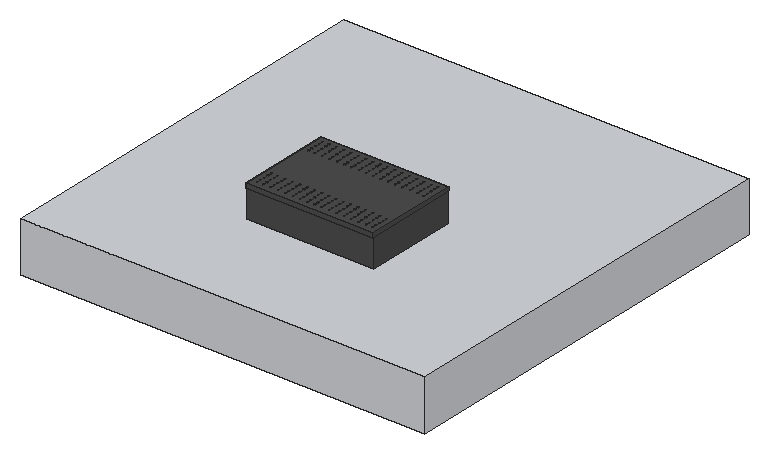
Revit family "BB-100.BIM", category Fire Alarm Devices, host Face, Revit 2020 (continued)
Lines and regions (in)
  symbolic lines, style "MAT-CABINET-BLACK", not visible, detail levels fine
    curve 1049: circle (67.56813, 87.82077, 0) r 0.125 normal (0, 0, 1)
    curve 1050: circle (68.11493, 87.23707, 0) r 0.125 normal (0, 0, 1)
    curve 1051: circle (68.66173, 87.23707, 0) r 0.125 normal (0, 0, 1)
    curve 1052: circle (68.11493, 87.82077, 0) r 0.125 normal (0, 0, 1)
    curve 1053: circle (68.66173, 87.82077, 0) r 0.125 normal (0, 0, 1)
    curve 1054: circle (65.38093, 90.15556, 0) r 0.125 normal (0, 0, 1)
    curve 1055: circle (65.38093, 89.57187, 0) r 0.125 normal (0, 0, 1)
    curve 1056: circle (65.38093, 88.98817, 0) r 0.125 normal (0, 0, 1)
    curve 1057: circle (65.92773, 88.98817, 0) r 0.125 normal (0, 0, 1)
    curve 1058: circle (66.47453, 88.98817, 0) r 0.125 normal (0, 0, 1)
    curve 1059: circle (65.92773, 90.15556, 0) r 0.125 normal (0, 0, 1)
    curve 1060: circle (65.92773, 89.57187, 0) r 0.125 normal (0, 0, 1)
    curve 1061: circle (66.47453, 89.57187, 0) r 0.125 normal (0, 0, 1)
    curve 1062: circle (66.47453, 90.15556, 0) r 0.125 normal (0, 0, 1)
    curve 1063: circle (65.38093, 91.32296, 0) r 0.125 normal (0, 0, 1)
    curve 1064: circle (65.38093, 90.73926, 0) r 0.125 normal (0, 0, 1)
    curve 1065: circle (66.47453, 91.32296, 0) r 0.125 normal (0, 0, 1)
    curve 1066: circle (65.92773, 91.32296, 0) r 0.125 normal (0, 0, 1)
    curve 1067: circle (65.92773, 90.73926, 0) r 0.125 normal (0, 0, 1)
    curve 1068: circle (66.47453, 90.73926, 0) r 0.125 normal (0, 0, 1)
    curve 1069: circle (67.02133, 88.98817, 0) r 0.125 normal (0, 0, 1)
    curve 1070: circle (67.56813, 88.98817, 0) r 0.125 normal (0, 0, 1)
    curve 1071: circle (67.02133, 89.57187, 0) r 0.125 normal (0, 0, 1)
    curve 1072: circle (67.02133, 90.15556, 0) r 0.125 normal (0, 0, 1)
    curve 1073: circle (67.56813, 89.57187, 0) r 0.125 normal (0, 0, 1)
    curve 1074: circle (67.56813, 90.15556, 0) r 0.125 normal (0, 0, 1)
    curve 1075: circle (68.11493, 88.98817, 0) r 0.125 normal (0, 0, 1)
    curve 1076: circle (68.66173, 88.98817, 0) r 0.125 normal (0, 0, 1)
    curve 1077: circle (68.11493, 89.57187, 0) r 0.125 normal (0, 0, 1)
    curve 1078: circle (68.11493, 90.15556, 0) r 0.125 normal (0, 0, 1)
    curve 1079: circle (68.66173, 89.57187, 0) r 0.125 normal (0, 0, 1)
    curve 1080: circle (68.66173, 90.15556, 0) r 0.125 normal (0, 0, 1)
    curve 1081: circle (67.56813, 91.32296, 0) r 0.125 normal (0, 0, 1)
    curve 1082: circle (67.02133, 91.32296, 0) r 0.125 normal (0, 0, 1)
    curve 1083: circle (67.02133, 90.73926, 0) r 0.125 normal (0, 0, 1)
    curve 1084: circle (67.56813, 90.73926, 0) r 0.125 normal (0, 0, 1)
    curve 1085: circle (68.66173, 91.32296, 0) r 0.125 normal (0, 0, 1)
    curve 1086: circle (68.11493, 91.32296, 0) r 0.125 normal (0, 0, 1)
    curve 1087: circle (68.11493, 90.73926, 0) r 0.125 normal (0, 0, 1)
    curve 1088: circle (68.66173, 90.73926, 0) r 0.125 normal (0, 0, 1)
    curve 1089: circle (77.95733, 88.40447, 0) r 0.125 normal (0, 0, 1)
    curve 1090: circle (78.50413, 88.40447, 0) r 0.125 normal (0, 0, 1)
    curve 1091: circle (76.86373, 88.40447, 0) r 0.125 normal (0, 0, 1)
    curve 1092: circle (77.41053, 88.40447, 0) r 0.125 normal (0, 0, 1)
    curve 1093: circle (75.77013, 88.40447, 0) r 0.125 normal (0, 0, 1)
    curve 1094: circle (76.31693, 88.40447, 0) r 0.125 normal (0, 0, 1)
    curve 1095: circle (74.67653, 88.40447, 0) r 0.125 normal (0, 0, 1)
    curve 1096: circle (73.58293, 88.40447, 0) r 0.125 normal (0, 0, 1)
    curve 1097: circle (74.12973, 88.40447, 0) r 0.125 normal (0, 0, 1)
    curve 1098: circle (75.22333, 88.40447, 0) r 0.125 normal (0, 0, 1)
    curve 1099: circle (72.48933, 88.40447, 0) r 0.125 normal (0, 0, 1)
    curve 1100: circle (71.39573, 88.40447, 0) r 0.125 normal (0, 0, 1)
    curve 1101: circle (71.94253, 88.40447, 0) r 0.125 normal (0, 0, 1)
    curve 1102: circle (70.30213, 88.40447, 0) r 0.125 normal (0, 0, 1)
    curve 1103: circle (69.20853, 88.40447, 0) r 0.125 normal (0, 0, 1)
    curve 1104: circle (69.75533, 88.40447, 0) r 0.125 normal (0, 0, 1)
    curve 1105: circle (70.84893, 88.40447, 0) r 0.125 normal (0, 0, 1)
    curve 1106: circle (73.03613, 88.40447, 0) r 0.125 normal (0, 0, 1)
    curve 1107: circle (71.39573, 87.82077, 0) r 0.125 normal (0, 0, 1)
    curve 1108: circle (71.39573, 87.23707, 0) r 0.125 normal (0, 0, 1)
    curve 1109: circle (70.30213, 87.82077, 0) r 0.125 normal (0, 0, 1)
    curve 1110: circle (70.30213, 87.23707, 0) r 0.125 normal (0, 0, 1)
    curve 1111: circle (69.75533, 87.23707, 0) r 0.125 normal (0, 0, 1)
    curve 1112: circle (69.20853, 87.23707, 0) r 0.125 normal (0, 0, 1)
    curve 1113: circle (69.75533, 87.82077, 0) r 0.125 normal (0, 0, 1)
    curve 1114: circle (69.20853, 87.82077, 0) r 0.125 normal (0, 0, 1)
    curve 1115: circle (70.84893, 87.23707, 0) r 0.125 normal (0, 0, 1)
    curve 1116: circle (70.84893, 87.82077, 0) r 0.125 normal (0, 0, 1)
    curve 1117: circle (71.94253, 87.23707, 0) r 0.125 normal (0, 0, 1)
    curve 1118: circle (72.48933, 87.23707, 0) r 0.125 normal (0, 0, 1)
    curve 1119: circle (71.94253, 87.82077, 0) r 0.125 normal (0, 0, 1)
    curve 1120: circle (72.48933, 87.82077, 0) r 0.125 normal (0, 0, 1)
    curve 1121: circle (73.03613, 87.23707, 0) r 0.125 normal (0, 0, 1)
    curve 1122: circle (73.58293, 87.23707, 0) r 0.125 normal (0, 0, 1)
    curve 1123: circle (73.03613, 87.82077, 0) r 0.125 normal (0, 0, 1)
    curve 1124: circle (73.58293, 87.82077, 0) r 0.125 normal (0, 0, 1)
    curve 1125: circle (76.31693, 87.82077, 0) r 0.125 normal (0, 0, 1)
    curve 1126: circle (76.31693, 87.23707, 0) r 0.125 normal (0, 0, 1)
    curve 1127: circle (74.12973, 87.23707, 0) r 0.125 normal (0, 0, 1)
    curve 1128: circle (74.67653, 87.23707, 0) r 0.125 normal (0, 0, 1)
    curve 1129: circle (74.12973, 87.82077, 0) r 0.125 normal (0, 0, 1)
    curve 1130: circle (74.67653, 87.82077, 0) r 0.125 normal (0, 0, 1)
    curve 1131: circle (75.77013, 87.23707, 0) r 0.125 normal (0, 0, 1)
    curve 1132: circle (75.22333, 87.23707, 0) r 0.125 normal (0, 0, 1)
    curve 1133: circle (75.77013, 87.82077, 0) r 0.125 normal (0, 0, 1)
    curve 1134: circle (75.22333, 87.82077, 0) r 0.125 normal (0, 0, 1)
    curve 1135: circle (77.41053, 87.82077, 0) r 0.125 normal (0, 0, 1)
    curve 1136: circle (77.41053, 87.23707, 0) r 0.125 normal (0, 0, 1)
    curve 1137: circle (76.86373, 87.23707, 0) r 0.125 normal (0, 0, 1)
    curve 1138: circle (76.86373, 87.82077, 0) r 0.125 normal (0, 0, 1)
    curve 1139: circle (77.95733, 87.23707, 0) r 0.125 normal (0, 0, 1)
    curve 1140: circle (78.50413, 87.23707, 0) r 0.125 normal (0, 0, 1)
    curve 1141: circle (77.95733, 87.82077, 0) r 0.125 normal (0, 0, 1)
    curve 1142: circle (78.50413, 87.82077, 0) r 0.125 normal (0, 0, 1)
    curve 1143: circle (71.39573, 91.32296, 0) r 0.125 normal (0, 0, 1)
    curve 1144: circle (71.39573, 90.15556, 0) r 0.125 normal (0, 0, 1)
    curve 1145: circle (71.39573, 90.73926, 0) r 0.125 normal (0, 0, 1)
    curve 1146: circle (71.39573, 89.57187, 0) r 0.125 normal (0, 0, 1)
    curve 1147: circle (71.39573, 88.98817, 0) r 0.125 normal (0, 0, 1)
    curve 1148: circle (70.30213, 90.15556, 0) r 0.125 normal (0, 0, 1)
    curve 1149: circle (70.30213, 89.57187, 0) r 0.125 normal (0, 0, 1)
    curve 1150: circle (70.30213, 88.98817, 0) r 0.125 normal (0, 0, 1)
    curve 1151: circle (69.75533, 88.98817, 0) r 0.125 normal (0, 0, 1)
    curve 1152: circle (69.20853, 88.98817, 0) r 0.125 normal (0, 0, 1)
    curve 1153: circle (69.75533, 90.15556, 0) r 0.125 normal (0, 0, 1)
    curve 1154: circle (69.75533, 89.57187, 0) r 0.125 normal (0, 0, 1)
    curve 1155: circle (69.20853, 89.57187, 0) r 0.125 normal (0, 0, 1)
    curve 1156: circle (69.20853, 90.15556, 0) r 0.125 normal (0, 0, 1)
    curve 1157: circle (70.84893, 88.98817, 0) r 0.125 normal (0, 0, 1)
    curve 1158: circle (70.84893, 90.15556, 0) r 0.125 normal (0, 0, 1)
    curve 1159: circle (70.84893, 89.57187, 0) r 0.125 normal (0, 0, 1)
    curve 1160: circle (70.30213, 91.32296, 0) r 0.125 normal (0, 0, 1)
    curve 1161: circle (70.30213, 90.73926, 0) r 0.125 normal (0, 0, 1)
    curve 1162: circle (69.20853, 91.32296, 0) r 0.125 normal (0, 0, 1)
    curve 1163: circle (69.75533, 91.32296, 0) r 0.125 normal (0, 0, 1)
    curve 1164: circle (69.75533, 90.73926, 0) r 0.125 normal (0, 0, 1)
    curve 1165: circle (69.20853, 90.73926, 0) r 0.125 normal (0, 0, 1)
    curve 1166: circle (70.84893, 91.32296, 0) r 0.125 normal (0, 0, 1)
    curve 1167: circle (70.84893, 90.73926, 0) r 0.125 normal (0, 0, 1)
    curve 1168: circle (71.94253, 88.98817, 0) r 0.125 normal (0, 0, 1)
    curve 1169: circle (72.48933, 88.98817, 0) r 0.125 normal (0, 0, 1)
    curve 1170: circle (71.94253, 90.15556, 0) r 0.125 normal (0, 0, 1)
    curve 1171: circle (71.94253, 89.57187, 0) r 0.125 normal (0, 0, 1)
    curve 1172: circle (72.48933, 89.57187, 0) r 0.125 normal (0, 0, 1)
    curve 1173: circle (72.48933, 90.15556, 0) r 0.125 normal (0, 0, 1)
    curve 1174: circle (73.03613, 88.98817, 0) r 0.125 normal (0, 0, 1)
    curve 1175: circle (73.58293, 88.98817, 0) r 0.125 normal (0, 0, 1)
    curve 1176: circle (73.03613, 89.57187, 0) r 0.125 normal (0, 0, 1)
    curve 1177: circle (73.03613, 90.15556, 0) r 0.125 normal (0, 0, 1)
    curve 1178: circle (73.58293, 89.57187, 0) r 0.125 normal (0, 0, 1)
    curve 1179: circle (73.58293, 90.15556, 0) r 0.125 normal (0, 0, 1)
    curve 1180: circle (72.48933, 91.32296, 0) r 0.125 normal (0, 0, 1)
    curve 1181: circle (71.94253, 91.32296, 0) r 0.125 normal (0, 0, 1)
    curve 1182: circle (71.94253, 90.73926, 0) r 0.125 normal (0, 0, 1)
    curve 1183: circle (72.48933, 90.73926, 0) r 0.125 normal (0, 0, 1)
    curve 1184: circle (73.58293, 91.32296, 0) r 0.125 normal (0, 0, 1)
    curve 1185: circle (73.03613, 91.32296, 0) r 0.125 normal (0, 0, 1)
    curve 1186: circle (73.03613, 90.73926, 0) r 0.125 normal (0, 0, 1)
    curve 1187: circle (73.58293, 90.73926, 0) r 0.125 normal (0, 0, 1)
    curve 1188: circle (76.31693, 91.32296, 0) r 0.125 normal (0, 0, 1)
    curve 1189: circle (76.31693, 90.15556, 0) r 0.125 normal (0, 0, 1)
    curve 1190: circle (76.31693, 90.73926, 0) r 0.125 normal (0, 0, 1)
    curve 1191: circle (76.31693, 89.57187, 0) r 0.125 normal (0, 0, 1)
    curve 1192: circle (76.31693, 88.98817, 0) r 0.125 normal (0, 0, 1)
    curve 1193: circle (74.12973, 88.98817, 0) r 0.125 normal (0, 0, 1)
    curve 1194: circle (74.67653, 88.98817, 0) r 0.125 normal (0, 0, 1)
    curve 1195: circle (74.12973, 89.57187, 0) r 0.125 normal (0, 0, 1)
    curve 1196: circle (74.12973, 90.15556, 0) r 0.125 normal (0, 0, 1)
    curve 1197: circle (74.67653, 89.57187, 0) r 0.125 normal (0, 0, 1)
    curve 1198: circle (74.67653, 90.15556, 0) r 0.125 normal (0, 0, 1)
    curve 1199: circle (75.77013, 88.98817, 0) r 0.125 normal (0, 0, 1)
    curve 1200: circle (75.22333, 88.98817, 0) r 0.125 normal (0, 0, 1)
    curve 1201: circle (75.77013, 90.15556, 0) r 0.125 normal (0, 0, 1)
    curve 1202: circle (75.77013, 89.57187, 0) r 0.125 normal (0, 0, 1)
    curve 1203: circle (75.22333, 89.57187, 0) r 0.125 normal (0, 0, 1)
    curve 1204: circle (75.22333, 90.15556, 0) r 0.125 normal (0, 0, 1)
    curve 1205: circle (74.67653, 91.32296, 0) r 0.125 normal (0, 0, 1)
    curve 1206: circle (74.12973, 91.32296, 0) r 0.125 normal (0, 0, 1)
    curve 1207: circle (74.12973, 90.73926, 0) r 0.125 normal (0, 0, 1)
    curve 1208: circle (74.67653, 90.73926, 0) r 0.125 normal (0, 0, 1)
    curve 1209: circle (75.77013, 91.32296, 0) r 0.125 normal (0, 0, 1)
    curve 1210: circle (75.22333, 91.32296, 0) r 0.125 normal (0, 0, 1)
    curve 1211: circle (75.77013, 90.73926, 0) r 0.125 normal (0, 0, 1)
    curve 1212: circle (75.22333, 90.73926, 0) r 0.125 normal (0, 0, 1)
    curve 1213: circle (77.41053, 90.15556, 0) r 0.125 normal (0, 0, 1)
    curve 1214: circle (77.41053, 89.57187, 0) r 0.125 normal (0, 0, 1)
    curve 1215: circle (77.41053, 88.98817, 0) r 0.125 normal (0, 0, 1)
    curve 1216: circle (76.86373, 88.98817, 0) r 0.125 normal (0, 0, 1)
    curve 1217: circle (76.86373, 90.15556, 0) r 0.125 normal (0, 0, 1)
    curve 1218: circle (76.86373, 89.57187, 0) r 0.125 normal (0, 0, 1)
    curve 1219: circle (77.95733, 88.98817, 0) r 0.125 normal (0, 0, 1)
    curve 1220: circle (78.50413, 88.98817, 0) r 0.125 normal (0, 0, 1)
    curve 1221: circle (77.95733, 89.57187, 0) r 0.125 normal (0, 0, 1)
    curve 1222: circle (77.95733, 90.15556, 0) r 0.125 normal (0, 0, 1)
    curve 1223: circle (78.50413, 89.57187, 0) r 0.125 normal (0, 0, 1)
    curve 1224: circle (78.50413, 90.15556, 0) r 0.125 normal (0, 0, 1)
    curve 1225: circle (77.41053, 91.32296, 0) r 0.125 normal (0, 0, 1)
    curve 1226: circle (77.41053, 90.73926, 0) r 0.125 normal (0, 0, 1)
    curve 1227: circle (76.86373, 91.32296, 0) r 0.125 normal (0, 0, 1)
    curve 1228: circle (76.86373, 90.73926, 0) r 0.125 normal (0, 0, 1)
    curve 1229: circle (78.50413, 91.32296, 0) r 0.125 normal (0, 0, 1)
    curve 1230: circle (77.95733, 91.32296, 0) r 0.125 normal (0, 0, 1)
    curve 1231: circle (77.95733, 90.73926, 0) r 0.125 normal (0, 0, 1)
    curve 1232: circle (78.50413, 90.73926, 0) r 0.125 normal (0, 0, 1)
    curve 1233: circle (88.34653, 75.90885, 0) r 0.125 normal (0, 0, 1)
    curve 1234: circle (88.34653, 74.74146, 0) r 0.125 normal (0, 0, 1)
    curve 1235: circle (88.34653, 75.32516, 0) r 0.125 normal (0, 0, 1)
    curve 1236: circle (88.34653, 74.15776, 0) r 0.125 normal (0, 0, 1)
    curve 1237: circle (88.34653, 72.99036, 0) r 0.125 normal (0, 0, 1)
    curve 1238: circle (88.34653, 73.57406, 0) r 0.125 normal (0, 0, 1)
    curve 1239: circle (88.34653, 72.40666, 0) r 0.125 normal (0, 0, 1)
    curve 1240: circle (88.34653, 71.82296, 0) r 0.125 normal (0, 0, 1)
    curve 1241: circle (87.25293, 74.15776, 0) r 0.125 normal (0, 0, 1)
    curve 1242: circle (87.79973, 74.15776, 0) r 0.125 normal (0, 0, 1)
    curve 1243: circle (85.61253, 74.15776, 0) r 0.125 normal (0, 0, 1)
    curve 1244: circle (86.15933, 74.15776, 0) r 0.125 normal (0, 0, 1)
    curve 1245: circle (85.06573, 74.15776, 0) r 0.125 normal (0, 0, 1)
    curve 1246: circle (84.51893, 74.15776, 0) r 0.125 normal (0, 0, 1)
    curve 1247: circle (83.97213, 74.15776, 0) r 0.125 normal (0, 0, 1)
    curve 1248: circle (83.42533, 74.15776, 0) r 0.125 normal (0, 0, 1)
    curve 1249: circle (82.87853, 74.15776, 0) r 0.125 normal (0, 0, 1)
    curve 1250: circle (82.33173, 74.15776, 0) r 0.125 normal (0, 0, 1)
    curve 1251: circle (86.70613, 74.15776, 0) r 0.125 normal (0, 0, 1)
    curve 1252: circle (81.78493, 74.15776, 0) r 0.125 normal (0, 0, 1)
    curve 1253: circle (81.23813, 74.15776, 0) r 0.125 normal (0, 0, 1)
    curve 1254: circle (80.69133, 74.15776, 0) r 0.125 normal (0, 0, 1)
    curve 1255: circle (80.14453, 74.15776, 0) r 0.125 normal (0, 0, 1)
    curve 1256: circle (79.59773, 74.15776, 0) r 0.125 normal (0, 0, 1)
    curve 1257: circle (79.05093, 74.15776, 0) r 0.125 normal (0, 0, 1)
    curve 1258: circle (81.23813, 72.99036, 0) r 0.125 normal (0, 0, 1)
    curve 1259: circle (81.23813, 73.57406, 0) r 0.125 normal (0, 0, 1)
    curve 1260: circle (81.23813, 72.40666, 0) r 0.125 normal (0, 0, 1)
    curve 1261: circle (81.23813, 71.82296, 0) r 0.125 normal (0, 0, 1)
    curve 1262: circle (80.69133, 72.40666, 0) r 0.125 normal (0, 0, 1)
    curve 1263: circle (80.14453, 72.40666, 0) r 0.125 normal (0, 0, 1)
    curve 1264: circle (79.59773, 72.40666, 0) r 0.125 normal (0, 0, 1)
    curve 1265: circle (79.05093, 72.40666, 0) r 0.125 normal (0, 0, 1)
    curve 1266: circle (79.05093, 71.82296, 0) r 0.125 normal (0, 0, 1)
    curve 1267: circle (79.59773, 71.82296, 0) r 0.125 normal (0, 0, 1)
    curve 1268: circle (80.14453, 71.82296, 0) r 0.125 normal (0, 0, 1)
    curve 1269: circle (80.69133, 71.82296, 0) r 0.125 normal (0, 0, 1)
    curve 1270: circle (79.05093, 72.99036, 0) r 0.125 normal (0, 0, 1)
    curve 1271: circle (79.59773, 72.99036, 0) r 0.125 normal (0, 0, 1)
    curve 1272: circle (79.05093, 73.57406, 0) r 0.125 normal (0, 0, 1)
    curve 1273: circle (79.59773, 73.57406, 0) r 0.125 normal (0, 0, 1)
    curve 1274: circle (80.14453, 72.99036, 0) r 0.125 normal (0, 0, 1)
    curve 1275: circle (80.69133, 72.99036, 0) r 0.125 normal (0, 0, 1)
    curve 1276: circle (80.14453, 73.57406, 0) r 0.125 normal (0, 0, 1)
    curve 1277: circle (80.69133, 73.57406, 0) r 0.125 normal (0, 0, 1)
    curve 1278: circle (83.42533, 72.40666, 0) r 0.125 normal (0, 0, 1)
    curve 1279: circle (82.87853, 72.40666, 0) r 0.125 normal (0, 0, 1)
    curve 1280: circle (82.33173, 72.40666, 0) r 0.125 normal (0, 0, 1)
    curve 1281: circle (81.78493, 72.40666, 0) r 0.125 normal (0, 0, 1)
    curve 1282: circle (82.33173, 71.82296, 0) r 0.125 normal (0, 0, 1)
    curve 1283: circle (81.78493, 71.82296, 0) r 0.125 normal (0, 0, 1)
    curve 1284: circle (82.87853, 71.82296, 0) r 0.125 normal (0, 0, 1)
    curve 1285: circle (83.42533, 71.82296, 0) r 0.125 normal (0, 0, 1)
    curve 1286: circle (82.33173, 72.99036, 0) r 0.125 normal (0, 0, 1)
    curve 1287: circle (82.33173, 73.57406, 0) r 0.125 normal (0, 0, 1)
    curve 1288: circle (81.78493, 72.99036, 0) r 0.125 normal (0, 0, 1)
    curve 1289: circle (81.78493, 73.57406, 0) r 0.125 normal (0, 0, 1)
    curve 1290: circle (82.87853, 72.99036, 0) r 0.125 normal (0, 0, 1)
    curve 1291: circle (83.42533, 72.99036, 0) r 0.125 normal (0, 0, 1)
    curve 1292: circle (82.87853, 73.57406, 0) r 0.125 normal (0, 0, 1)
    curve 1293: circle (83.42533, 73.57406, 0) r 0.125 normal (0, 0, 1)
    curve 1294: circle (85.61253, 72.40666, 0) r 0.125 normal (0, 0, 1)
    curve 1295: circle (85.06573, 72.40666, 0) r 0.125 normal (0, 0, 1)
    curve 1296: circle (84.51893, 72.40666, 0) r 0.125 normal (0, 0, 1)
    curve 1297: circle (83.97213, 72.40666, 0) r 0.125 normal (0, 0, 1)
    curve 1298: circle (83.97213, 71.82296, 0) r 0.125 normal (0, 0, 1)
    curve 1299: circle (84.51893, 71.82296, 0) r 0.125 normal (0, 0, 1)
    curve 1300: circle (85.06573, 71.82296, 0) r 0.125 normal (0, 0, 1)
    curve 1301: circle (85.61253, 71.82296, 0) r 0.125 normal (0, 0, 1)
    curve 1302: circle (83.97213, 72.99036, 0) r 0.125 normal (0, 0, 1)
    curve 1303: circle (84.51893, 72.99036, 0) r 0.125 normal (0, 0, 1)
    curve 1304: circle (83.97213, 73.57406, 0) r 0.125 normal (0, 0, 1)
    curve 1305: circle (84.51893, 73.57406, 0) r 0.125 normal (0, 0, 1)
    curve 1306: circle (85.06573, 72.99036, 0) r 0.125 normal (0, 0, 1)
    curve 1307: circle (85.61253, 72.99036, 0) r 0.125 normal (0, 0, 1)
    curve 1308: circle (85.06573, 73.57406, 0) r 0.125 normal (0, 0, 1)
    curve 1309: circle (85.61253, 73.57406, 0) r 0.125 normal (0, 0, 1)
    curve 1310: circle (87.25293, 72.40666, 0) r 0.125 normal (0, 0, 1)
    curve 1311: circle (87.79973, 72.40666, 0) r 0.125 normal (0, 0, 1)
    curve 1312: circle (86.15933, 72.40666, 0) r 0.125 normal (0, 0, 1)
    curve 1313: circle (86.70613, 72.40666, 0) r 0.125 normal (0, 0, 1)
    curve 1314: circle (87.25293, 71.82296, 0) r 0.125 normal (0, 0, 1)
    curve 1315: circle (86.70613, 71.82296, 0) r 0.125 normal (0, 0, 1)
    curve 1316: circle (86.15933, 71.82296, 0) r 0.125 normal (0, 0, 1)
    curve 1317: circle (87.79973, 71.82296, 0) r 0.125 normal (0, 0, 1)
    curve 1318: circle (87.25293, 72.99036, 0) r 0.125 normal (0, 0, 1)
    curve 1319: circle (87.25293, 73.57406, 0) r 0.125 normal (0, 0, 1)
    curve 1320: circle (86.70613, 72.99036, 0) r 0.125 normal (0, 0, 1)
    curve 1321: circle (86.15933, 72.99036, 0) r 0.125 normal (0, 0, 1)
    curve 1322: circle (86.70613, 73.57406, 0) r 0.125 normal (0, 0, 1)
    curve 1323: circle (86.15933, 73.57406, 0) r 0.125 normal (0, 0, 1)
    curve 1324: circle (87.79973, 72.99036, 0) r 0.125 normal (0, 0, 1)
    curve 1325: circle (87.79973, 73.57406, 0) r 0.125 normal (0, 0, 1)
    curve 1326: circle (81.23813, 75.90885, 0) r 0.125 normal (0, 0, 1)
    curve 1327: circle (81.23813, 74.74146, 0) r 0.125 normal (0, 0, 1)
    curve 1328: circle (81.23813, 75.32516, 0) r 0.125 normal (0, 0, 1)
    curve 1329: circle (80.69133, 75.90885, 0) r 0.125 normal (0, 0, 1)
    curve 1330: circle (80.14453, 75.90885, 0) r 0.125 normal (0, 0, 1)
    curve 1331: circle (79.05093, 75.90885, 0) r 0.125 normal (0, 0, 1)
    curve 1332: circle (79.59773, 75.90885, 0) r 0.125 normal (0, 0, 1)
    curve 1333: circle (79.05093, 74.74146, 0) r 0.125 normal (0, 0, 1)
    curve 1334: circle (79.59773, 74.74146, 0) r 0.125 normal (0, 0, 1)
    curve 1335: circle (79.05093, 75.32516, 0) r 0.125 normal (0, 0, 1)
    curve 1336: circle (79.59773, 75.32516, 0) r 0.125 normal (0, 0, 1)
    curve 1337: circle (80.14453, 74.74146, 0) r 0.125 normal (0, 0, 1)
    curve 1338: circle (80.69133, 74.74146, 0) r 0.125 normal (0, 0, 1)
    curve 1339: circle (80.14453, 75.32516, 0) r 0.125 normal (0, 0, 1)
    curve 1340: circle (80.69133, 75.32516, 0) r 0.125 normal (0, 0, 1)
    curve 1341: circle (83.42533, 75.90885, 0) r 0.125 normal (0, 0, 1)
    curve 1342: circle (82.87853, 75.90885, 0) r 0.125 normal (0, 0, 1)
    curve 1343: circle (82.33173, 75.90885, 0) r 0.125 normal (0, 0, 1)
    curve 1344: circle (81.78493, 75.90885, 0) r 0.125 normal (0, 0, 1)
    curve 1345: circle (82.33173, 74.74146, 0) r 0.125 normal (0, 0, 1)
    curve 1346: circle (82.33173, 75.32516, 0) r 0.125 normal (0, 0, 1)
    curve 1347: circle (81.78493, 74.74146, 0) r 0.125 normal (0, 0, 1)
    curve 1348: circle (81.78493, 75.32516, 0) r 0.125 normal (0, 0, 1)
    curve 1349: circle (82.87853, 74.74146, 0) r 0.125 normal (0, 0, 1)
    curve 1350: circle (83.42533, 74.74146, 0) r 0.125 normal (0, 0, 1)
    curve 1351: circle (82.87853, 75.32516, 0) r 0.125 normal (0, 0, 1)
    curve 1352: circle (83.42533, 75.32516, 0) r 0.125 normal (0, 0, 1)
    curve 1353: circle (85.61253, 75.90885, 0) r 0.125 normal (0, 0, 1)
    curve 1354: circle (84.51893, 75.90885, 0) r 0.125 normal (0, 0, 1)
    curve 1355: circle (85.06573, 75.90885, 0) r 0.125 normal (0, 0, 1)
    curve 1356: circle (83.97213, 75.90885, 0) r 0.125 normal (0, 0, 1)
    curve 1357: circle (83.97213, 74.74146, 0) r 0.125 normal (0, 0, 1)
    curve 1358: circle (84.51893, 74.74146, 0) r 0.125 normal (0, 0, 1)
    curve 1359: circle (83.97213, 75.32516, 0) r 0.125 normal (0, 0, 1)
    curve 1360: circle (84.51893, 75.32516, 0) r 0.125 normal (0, 0, 1)
    curve 1361: circle (85.06573, 74.74146, 0) r 0.125 normal (0, 0, 1)
    curve 1362: circle (85.61253, 74.74146, 0) r 0.125 normal (0, 0, 1)
    curve 1363: circle (85.06573, 75.32516, 0) r 0.125 normal (0, 0, 1)
    curve 1364: circle (85.61253, 75.32516, 0) r 0.125 normal (0, 0, 1)
    curve 1365: circle (87.25293, 75.90885, 0) r 0.125 normal (0, 0, 1)
    curve 1366: circle (87.79973, 75.90885, 0) r 0.125 normal (0, 0, 1)
    curve 1367: circle (86.15933, 75.90885, 0) r 0.125 normal (0, 0, 1)
    curve 1368: circle (86.70613, 75.90885, 0) r 0.125 normal (0, 0, 1)
    curve 1369: circle (87.25293, 74.74146, 0) r 0.125 normal (0, 0, 1)
    curve 1370: circle (87.25293, 75.32516, 0) r 0.125 normal (0, 0, 1)
    curve 1371: circle (86.70613, 74.74146, 0) r 0.125 normal (0, 0, 1)
    curve 1372: circle (86.15933, 74.74146, 0) r 0.125 normal (0, 0, 1)
    curve 1373: circle (86.70613, 75.32516, 0) r 0.125 normal (0, 0, 1)
    curve 1374: circle (86.15933, 75.32516, 0) r 0.125 normal (0, 0, 1)
    curve 1375: circle (87.79973, 74.74146, 0) r 0.125 normal (0, 0, 1)
    curve 1376: circle (87.79973, 75.32516, 0) r 0.125 normal (0, 0, 1)
    curve 1377: circle (92.72093, 74.15776, 0) r 0.125 normal (0, 0, 1)
    curve 1378: circle (91.62733, 74.15776, 0) r 0.125 normal (0, 0, 1)
    curve 1379: circle (92.17413, 74.15776, 0) r 0.125 normal (0, 0, 1)
    curve 1380: circle (90.53373, 74.15776, 0) r 0.125 normal (0, 0, 1)
    curve 1381: circle (89.44013, 74.15776, 0) r 0.125 normal (0, 0, 1)
    curve 1382: circle (89.98693, 74.15776, 0) r 0.125 normal (0, 0, 1)
    curve 1383: circle (88.89333, 74.15776, 0) r 0.125 normal (0, 0, 1)
    curve 1384: circle (91.08053, 74.15776, 0) r 0.125 normal (0, 0, 1)
    curve 1385: circle (90.53373, 72.40666, 0) r 0.125 normal (0, 0, 1)
    curve 1386: circle (89.44013, 72.40666, 0) r 0.125 normal (0, 0, 1)
    curve 1387: circle (89.98693, 72.40666, 0) r 0.125 normal (0, 0, 1)
    curve 1388: circle (88.89333, 72.40666, 0) r 0.125 normal (0, 0, 1)
    curve 1389: circle (88.89333, 71.82296, 0) r 0.125 normal (0, 0, 1)
    curve 1390: circle (89.44013, 71.82296, 0) r 0.125 normal (0, 0, 1)
    curve 1391: circle (89.98693, 71.82296, 0) r 0.125 normal (0, 0, 1)
    curve 1392: circle (90.53373, 71.82296, 0) r 0.125 normal (0, 0, 1)
    curve 1393: circle (88.89333, 72.99036, 0) r 0.125 normal (0, 0, 1)
    curve 1394: circle (89.44013, 72.99036, 0) r 0.125 normal (0, 0, 1)
    curve 1395: circle (88.89333, 73.57406, 0) r 0.125 normal (0, 0, 1)
    curve 1396: circle (89.44013, 73.57406, 0) r 0.125 normal (0, 0, 1)
    curve 1397: circle (89.98693, 72.99036, 0) r 0.125 normal (0, 0, 1)
    curve 1398: circle (90.53373, 72.99036, 0) r 0.125 normal (0, 0, 1)
    curve 1399: circle (89.98693, 73.57406, 0) r 0.125 normal (0, 0, 1)
    curve 1400: circle (90.53373, 73.57406, 0) r 0.125 normal (0, 0, 1)
    curve 1401: circle (92.72093, 72.40666, 0) r 0.125 normal (0, 0, 1)
    curve 1402: circle (91.62733, 72.40666, 0) r 0.125 normal (0, 0, 1)
    curve 1403: circle (92.17413, 72.40666, 0) r 0.125 normal (0, 0, 1)
    curve 1404: circle (91.08053, 72.40666, 0) r 0.125 normal (0, 0, 1)
    curve 1405: circle (91.08053, 71.82296, 0) r 0.125 normal (0, 0, 1)
    curve 1406: circle (91.62733, 71.82296, 0) r 0.125 normal (0, 0, 1)
    curve 1407: circle (92.72093, 71.82296, 0) r 0.125 normal (0, 0, 1)
    curve 1408: circle (92.17413, 71.82296, 0) r 0.125 normal (0, 0, 1)
    curve 1409: circle (91.08053, 72.99036, 0) r 0.125 normal (0, 0, 1)
    curve 1410: circle (91.62733, 72.99036, 0) r 0.125 normal (0, 0, 1)
    curve 1411: circle (91.08053, 73.57406, 0) r 0.125 normal (0, 0, 1)
    curve 1412: circle (91.62733, 73.57406, 0) r 0.125 normal (0, 0, 1)
    curve 1413: circle (92.72093, 72.99036, 0) r 0.125 normal (0, 0, 1)
    curve 1414: circle (92.17413, 72.99036, 0) r 0.125 normal (0, 0, 1)
    curve 1415: circle (92.72093, 73.57406, 0) r 0.125 normal (0, 0, 1)
    curve 1416: circle (92.17413, 73.57406, 0) r 0.125 normal (0, 0, 1)
    curve 1417: circle (90.53373, 75.90885, 0) r 0.125 normal (0, 0, 1)
    curve 1418: circle (89.44013, 75.90885, 0) r 0.125 normal (0, 0, 1)
    curve 1419: circle (89.98693, 75.90885, 0) r 0.125 normal (0, 0, 1)
    curve 1420: circle (88.89333, 75.90885, 0) r 0.125 normal (0, 0, 1)
    curve 1421: circle (88.89333, 74.74146, 0) r 0.125 normal (0, 0, 1)
    curve 1422: circle (89.44013, 74.74146, 0) r 0.125 normal (0, 0, 1)
    curve 1423: circle (88.89333, 75.32516, 0) r 0.125 normal (0, 0, 1)
    curve 1424: circle (89.44013, 75.32516, 0) r 0.125 normal (0, 0, 1)
    curve 1425: circle (89.98693, 74.74146, 0) r 0.125 normal (0, 0, 1)
    curve 1426: circle (90.53373, 74.74146, 0) r 0.125 normal (0, 0, 1)
    curve 1427: circle (89.98693, 75.32516, 0) r 0.125 normal (0, 0, 1)
    curve 1428: circle (90.53373, 75.32516, 0) r 0.125 normal (0, 0, 1)
    curve 1429: circle (92.72093, 75.90885, 0) r 0.125 normal (0, 0, 1)
    curve 1430: circle (91.62733, 75.90885, 0) r 0.125 normal (0, 0, 1)
    curve 1431: circle (92.17413, 75.90885, 0) r 0.125 normal (0, 0, 1)
    curve 1432: circle (91.08053, 75.90885, 0) r 0.125 normal (0, 0, 1)
    curve 1433: circle (91.08053, 74.74146, 0) r 0.125 normal (0, 0, 1)
    curve 1434: circle (91.62733, 74.74146, 0) r 0.125 normal (0, 0, 1)
    curve 1435: circle (91.08053, 75.32516, 0) r 0.125 normal (0, 0, 1)
    curve 1436: circle (91.62733, 75.32516, 0) r 0.125 normal (0, 0, 1)
    curve 1437: circle (92.72093, 74.74146, 0) r 0.125 normal (0, 0, 1)
    curve 1438: circle (92.17413, 74.74146, 0) r 0.125 normal (0, 0, 1)
    curve 1439: circle (92.72093, 75.32516, 0) r 0.125 normal (0, 0, 1)
    curve 1440: circle (92.17413, 75.32516, 0) r 0.125 normal (0, 0, 1)
    curve 1441: circle (88.34653, 87.23707, 0) r 0.125 normal (0, 0, 1)
    curve 1442: circle (87.25293, 88.40447, 0) r 0.125 normal (0, 0, 1)
    curve 1443: circle (87.79973, 88.40447, 0) r 0.125 normal (0, 0, 1)
    curve 1444: circle (85.61253, 88.40447, 0) r 0.125 normal (0, 0, 1)
    curve 1445: circle (86.15933, 88.40447, 0) r 0.125 normal (0, 0, 1)
    curve 1446: circle (84.51893, 88.40447, 0) r 0.125 normal (0, 0, 1)
    curve 1447: circle (85.06573, 88.40447, 0) r 0.125 normal (0, 0, 1)
    curve 1448: circle (83.42533, 88.40447, 0) r 0.125 normal (0, 0, 1)
    curve 1449: circle (83.97213, 88.40447, 0) r 0.125 normal (0, 0, 1)
    curve 1450: circle (82.33173, 88.40447, 0) r 0.125 normal (0, 0, 1)
    curve 1451: circle (82.87853, 88.40447, 0) r 0.125 normal (0, 0, 1)
    curve 1452: circle (86.70613, 88.40447, 0) r 0.125 normal (0, 0, 1)
    curve 1453: circle (81.23813, 88.40447, 0) r 0.125 normal (0, 0, 1)
    curve 1454: circle (81.78493, 88.40447, 0) r 0.125 normal (0, 0, 1)
    curve 1455: circle (80.69133, 88.40447, 0) r 0.125 normal (0, 0, 1)
    curve 1456: circle (80.14453, 88.40447, 0) r 0.125 normal (0, 0, 1)
    curve 1457: circle (79.05093, 88.40447, 0) r 0.125 normal (0, 0, 1)
    curve 1458: circle (79.59773, 88.40447, 0) r 0.125 normal (0, 0, 1)
    curve 1459: circle (81.23813, 87.82077, 0) r 0.125 normal (0, 0, 1)
    curve 1460: circle (81.23813, 87.23707, 0) r 0.125 normal (0, 0, 1)
    curve 1461: circle (79.05093, 87.23707, 0) r 0.125 normal (0, 0, 1)
    curve 1462: circle (79.59773, 87.23707, 0) r 0.125 normal (0, 0, 1)
    curve 1463: circle (79.05093, 87.82077, 0) r 0.125 normal (0, 0, 1)
    curve 1464: circle (79.59773, 87.82077, 0) r 0.125 normal (0, 0, 1)
    curve 1465: circle (80.14453, 87.23707, 0) r 0.125 normal (0, 0, 1)
    curve 1466: circle (80.69133, 87.23707, 0) r 0.125 normal (0, 0, 1)
    curve 1467: circle (80.14453, 87.82077, 0) r 0.125 normal (0, 0, 1)
    curve 1468: circle (80.69133, 87.82077, 0) r 0.125 normal (0, 0, 1)
    curve 1469: circle (82.33173, 87.82077, 0) r 0.125 normal (0, 0, 1)
    curve 1470: circle (82.33173, 87.23707, 0) r 0.125 normal (0, 0, 1)
    curve 1471: circle (81.78493, 87.23707, 0) r 0.125 normal (0, 0, 1)
    curve 1472: circle (81.78493, 87.82077, 0) r 0.125 normal (0, 0, 1)
    curve 1473: circle (82.87853, 87.23707, 0) r 0.125 normal (0, 0, 1)
    curve 1474: circle (83.42533, 87.23707, 0) r 0.125 normal (0, 0, 1)
    curve 1475: circle (82.87853, 87.82077, 0) r 0.125 normal (0, 0, 1)
    curve 1476: circle (83.42533, 87.82077, 0) r 0.125 normal (0, 0, 1)
    curve 1477: circle (83.97213, 87.23707, 0) r 0.125 normal (0, 0, 1)
    curve 1478: circle (84.51893, 87.23707, 0) r 0.125 normal (0, 0, 1)
    curve 1479: circle (83.97213, 87.82077, 0) r 0.125 normal (0, 0, 1)
    curve 1480: circle (84.51893, 87.82077, 0) r 0.125 normal (0, 0, 1)
    curve 1481: circle (85.06573, 87.23707, 0) r 0.125 normal (0, 0, 1)
    curve 1482: circle (85.61253, 87.23707, 0) r 0.125 normal (0, 0, 1)
    curve 1483: circle (85.06573, 87.82077, 0) r 0.125 normal (0, 0, 1)
    curve 1484: circle (85.61253, 87.82077, 0) r 0.125 normal (0, 0, 1)
    curve 1485: circle (87.25293, 87.82077, 0) r 0.125 normal (0, 0, 1)
    curve 1486: circle (87.25293, 87.23707, 0) r 0.125 normal (0, 0, 1)
    curve 1487: circle (86.70613, 87.23707, 0) r 0.125 normal (0, 0, 1)
    curve 1488: circle (86.15933, 87.23707, 0) r 0.125 normal (0, 0, 1)
    curve 1489: circle (86.70613, 87.82077, 0) r 0.125 normal (0, 0, 1)
    curve 1490: circle (86.15933, 87.82077, 0) r 0.125 normal (0, 0, 1)
    curve 1491: circle (87.79973, 87.23707, 0) r 0.125 normal (0, 0, 1)
    curve 1492: circle (87.79973, 87.82077, 0) r 0.125 normal (0, 0, 1)
    curve 1493: circle (81.23813, 91.32296, 0) r 0.125 normal (0, 0, 1)
    curve 1494: circle (81.23813, 90.15556, 0) r 0.125 normal (0, 0, 1)
    curve 1495: circle (81.23813, 90.73926, 0) r 0.125 normal (0, 0, 1)
    curve 1496: circle (81.23813, 89.57187, 0) r 0.125 normal (0, 0, 1)
    curve 1497: circle (81.23813, 88.98817, 0) r 0.125 normal (0, 0, 1)
    curve 1498: circle (79.05093, 88.98817, 0) r 0.125 normal (0, 0, 1)
    curve 1499: circle (79.59773, 88.98817, 0) r 0.125 normal (0, 0, 1)
    curve 1500: circle (79.05093, 89.57187, 0) r 0.125 normal (0, 0, 1)
    curve 1501: circle (79.05093, 90.15556, 0) r 0.125 normal (0, 0, 1)
    curve 1502: circle (79.59773, 89.57187, 0) r 0.125 normal (0, 0, 1)
    curve 1503: circle (79.59773, 90.15556, 0) r 0.125 normal (0, 0, 1)
    curve 1504: circle (80.14453, 88.98817, 0) r 0.125 normal (0, 0, 1)
    curve 1505: circle (80.69133, 88.98817, 0) r 0.125 normal (0, 0, 1)
    curve 1506: circle (80.14453, 89.57187, 0) r 0.125 normal (0, 0, 1)
    curve 1507: circle (80.14453, 90.15556, 0) r 0.125 normal (0, 0, 1)
    curve 1508: circle (80.69133, 89.57187, 0) r 0.125 normal (0, 0, 1)
    curve 1509: circle (80.69133, 90.15556, 0) r 0.125 normal (0, 0, 1)
    curve 1510: circle (79.59773, 91.32296, 0) r 0.125 normal (0, 0, 1)
    curve 1511: circle (79.05093, 91.32296, 0) r 0.125 normal (0, 0, 1)
    curve 1512: circle (79.05093, 90.73926, 0) r 0.125 normal (0, 0, 1)
    curve 1513: circle (79.59773, 90.73926, 0) r 0.125 normal (0, 0, 1)
    curve 1514: circle (80.69133, 91.32296, 0) r 0.125 normal (0, 0, 1)
    curve 1515: circle (80.14453, 91.32296, 0) r 0.125 normal (0, 0, 1)
    curve 1516: circle (80.14453, 90.73926, 0) r 0.125 normal (0, 0, 1)
    curve 1517: circle (80.69133, 90.73926, 0) r 0.125 normal (0, 0, 1)
    curve 1518: circle (82.33173, 90.15556, 0) r 0.125 normal (0, 0, 1)
    curve 1519: circle (82.33173, 89.57187, 0) r 0.125 normal (0, 0, 1)
    curve 1520: circle (82.33173, 88.98817, 0) r 0.125 normal (0, 0, 1)
    curve 1521: circle (81.78493, 88.98817, 0) r 0.125 normal (0, 0, 1)
    curve 1522: circle (81.78493, 90.15556, 0) r 0.125 normal (0, 0, 1)
    curve 1523: circle (81.78493, 89.57187, 0) r 0.125 normal (0, 0, 1)
    curve 1524: circle (82.87853, 88.98817, 0) r 0.125 normal (0, 0, 1)
    curve 1525: circle (83.42533, 88.98817, 0) r 0.125 normal (0, 0, 1)
    curve 1526: circle (82.87853, 90.15556, 0) r 0.125 normal (0, 0, 1)
    curve 1527: circle (82.87853, 89.57187, 0) r 0.125 normal (0, 0, 1)
    curve 1528: circle (83.42533, 89.57187, 0) r 0.125 normal (0, 0, 1)
    curve 1529: circle (83.42533, 90.15556, 0) r 0.125 normal (0, 0, 1)
    curve 1530: circle (82.33173, 91.32296, 0) r 0.125 normal (0, 0, 1)
    curve 1531: circle (82.33173, 90.73926, 0) r 0.125 normal (0, 0, 1)
    curve 1532: circle (81.78493, 91.32296, 0) r 0.125 normal (0, 0, 1)
    curve 1533: circle (81.78493, 90.73926, 0) r 0.125 normal (0, 0, 1)
    curve 1534: circle (83.42533, 91.32296, 0) r 0.125 normal (0, 0, 1)
    curve 1535: circle (82.87853, 91.32296, 0) r 0.125 normal (0, 0, 1)
    curve 1536: circle (82.87853, 90.73926, 0) r 0.125 normal (0, 0, 1)
    curve 1537: circle (83.42533, 90.73926, 0) r 0.125 normal (0, 0, 1)
    curve 1538: circle (83.97213, 88.98817, 0) r 0.125 normal (0, 0, 1)
    curve 1539: circle (84.51893, 88.98817, 0) r 0.125 normal (0, 0, 1)
    curve 1540: circle (83.97213, 89.57187, 0) r 0.125 normal (0, 0, 1)
    curve 1541: circle (83.97213, 90.15556, 0) r 0.125 normal (0, 0, 1)
    curve 1542: circle (84.51893, 89.57187, 0) r 0.125 normal (0, 0, 1)
    curve 1543: circle (84.51893, 90.15556, 0) r 0.125 normal (0, 0, 1)
    curve 1544: circle (85.06573, 88.98817, 0) r 0.125 normal (0, 0, 1)
    curve 1545: circle (85.61253, 88.98817, 0) r 0.125 normal (0, 0, 1)
    curve 1546: circle (85.06573, 89.57187, 0) r 0.125 normal (0, 0, 1)
    curve 1547: circle (85.06573, 90.15556, 0) r 0.125 normal (0, 0, 1)
    curve 1548: circle (85.61253, 89.57187, 0) r 0.125 normal (0, 0, 1)
    curve 1549: circle (85.61253, 90.15556, 0) r 0.125 normal (0, 0, 1)
    curve 1550: circle (84.51893, 91.32296, 0) r 0.125 normal (0, 0, 1)
    curve 1551: circle (83.97213, 91.32296, 0) r 0.125 normal (0, 0, 1)
    curve 1552: circle (83.97213, 90.73926, 0) r 0.125 normal (0, 0, 1)
    curve 1553: circle (84.51893, 90.73926, 0) r 0.125 normal (0, 0, 1)
    curve 1554: circle (85.61253, 91.32296, 0) r 0.125 normal (0, 0, 1)
    curve 1555: circle (85.06573, 91.32296, 0) r 0.125 normal (0, 0, 1)
    curve 1556: circle (85.06573, 90.73926, 0) r 0.125 normal (0, 0, 1)
    curve 1557: circle (85.61253, 90.73926, 0) r 0.125 normal (0, 0, 1)
    curve 1558: circle (87.25293, 90.15556, 0) r 0.125 normal (0, 0, 1)
    curve 1559: circle (87.25293, 89.57187, 0) r 0.125 normal (0, 0, 1)
    curve 1560: circle (87.25293, 88.98817, 0) r 0.125 normal (0, 0, 1)
    curve 1561: circle (86.70613, 88.98817, 0) r 0.125 normal (0, 0, 1)
    curve 1562: circle (86.15933, 88.98817, 0) r 0.125 normal (0, 0, 1)
    curve 1563: circle (86.70613, 90.15556, 0) r 0.125 normal (0, 0, 1)
    curve 1564: circle (86.70613, 89.57187, 0) r 0.125 normal (0, 0, 1)
    curve 1565: circle (86.15933, 89.57187, 0) r 0.125 normal (0, 0, 1)
    curve 1566: circle (86.15933, 90.15556, 0) r 0.125 normal (0, 0, 1)
    curve 1567: circle (87.79973, 88.98817, 0) r 0.125 normal (0, 0, 1)
    curve 1568: circle (87.79973, 90.15556, 0) r 0.125 normal (0, 0, 1)
    curve 1569: circle (87.79973, 89.57187, 0) r 0.125 normal (0, 0, 1)
    curve 1570: circle (87.25293, 91.32296, 0) r 0.125 normal (0, 0, 1)
    curve 1571: circle (87.25293, 90.73926, 0) r 0.125 normal (0, 0, 1)
    curve 1572: circle (86.15933, 91.32296, 0) r 0.125 normal (0, 0, 1)
    curve 1573: circle (86.70613, 91.32296, 0) r 0.125 normal (0, 0, 1)
    curve 1574: circle (86.70613, 90.73926, 0) r 0.125 normal (0, 0, 1)
    curve 1575: circle (86.15933, 90.73926, 0) r 0.125 normal (0, 0, 1)
    curve 1576: circle (87.79973, 91.32296, 0) r 0.125 normal (0, 0, 1)
    curve 1577: circle (87.79973, 90.73926, 0) r 0.125 normal (0, 0, 1)
    curve 1578: circle (92.72093, 88.40447, 0) r 0.125 normal (0, 0, 1)
    curve 1579: circle (91.62733, 88.40447, 0) r 0.125 normal (0, 0, 1)
    curve 1580: circle (92.17413, 88.40447, 0) r 0.125 normal (0, 0, 1)
    curve 1581: circle (90.53373, 88.40447, 0) r 0.125 normal (0, 0, 1)
    curve 1582: circle (89.44013, 88.40447, 0) r 0.125 normal (0, 0, 1)
    curve 1583: circle (89.98693, 88.40447, 0) r 0.125 normal (0, 0, 1)
    curve 1584: circle (88.89333, 88.40447, 0) r 0.125 normal (0, 0, 1)
    curve 1585: circle (91.08053, 88.40447, 0) r 0.125 normal (0, 0, 1)
    curve 1586: circle (88.89333, 87.23707, 0) r 0.125 normal (0, 0, 1)
    curve 1587: circle (89.44013, 87.23707, 0) r 0.125 normal (0, 0, 1)
    curve 1588: circle (88.89333, 87.82077, 0) r 0.125 normal (0, 0, 1)
    curve 1589: circle (89.44013, 87.82077, 0) r 0.125 normal (0, 0, 1)
    curve 1590: circle (89.98693, 87.23707, 0) r 0.125 normal (0, 0, 1)
    curve 1591: circle (90.53373, 87.23707, 0) r 0.125 normal (0, 0, 1)
    curve 1592: circle (89.98693, 87.82077, 0) r 0.125 normal (0, 0, 1)
    curve 1593: circle (90.53373, 87.82077, 0) r 0.125 normal (0, 0, 1)
    curve 1594: circle (91.08053, 87.23707, 0) r 0.125 normal (0, 0, 1)
    curve 1595: circle (91.62733, 87.23707, 0) r 0.125 normal (0, 0, 1)
    curve 1596: circle (91.08053, 87.82077, 0) r 0.125 normal (0, 0, 1)
    curve 1597: circle (91.62733, 87.82077, 0) r 0.125 normal (0, 0, 1)
    curve 1598: circle (92.72093, 87.23707, 0) r 0.125 normal (0, 0, 1)
    curve 1599: circle (92.17413, 87.23707, 0) r 0.125 normal (0, 0, 1)
    curve 1600: circle (92.72093, 87.82077, 0) r 0.125 normal (0, 0, 1)
    curve 1601: circle (92.17413, 87.82077, 0) r 0.125 normal (0, 0, 1)
    curve 1602: circle (88.89333, 88.98817, 0) r 0.125 normal (0, 0, 1)
    curve 1603: circle (89.44013, 88.98817, 0) r 0.125 normal (0, 0, 1)
    curve 1604: circle (88.89333, 90.15556, 0) r 0.125 normal (0, 0, 1)
    curve 1605: circle (88.89333, 89.57187, 0) r 0.125 normal (0, 0, 1)
    curve 1606: circle (89.44013, 89.57187, 0) r 0.125 normal (0, 0, 1)
    curve 1607: circle (89.44013, 90.15556, 0) r 0.125 normal (0, 0, 1)
    curve 1608: circle (89.98693, 88.98817, 0) r 0.125 normal (0, 0, 1)
    curve 1609: circle (90.53373, 88.98817, 0) r 0.125 normal (0, 0, 1)
    curve 1610: circle (89.98693, 89.57187, 0) r 0.125 normal (0, 0, 1)
    curve 1611: circle (89.98693, 90.15556, 0) r 0.125 normal (0, 0, 1)
    curve 1612: circle (90.53373, 89.57187, 0) r 0.125 normal (0, 0, 1)
    curve 1613: circle (90.53373, 90.15556, 0) r 0.125 normal (0, 0, 1)
    curve 1614: circle (89.44013, 91.32296, 0) r 0.125 normal (0, 0, 1)
    curve 1615: circle (88.89333, 91.32296, 0) r 0.125 normal (0, 0, 1)
    curve 1616: circle (88.89333, 90.73926, 0) r 0.125 normal (0, 0, 1)
    curve 1617: circle (89.44013, 90.73926, 0) r 0.125 normal (0, 0, 1)
    curve 1618: circle (90.53373, 91.32296, 0) r 0.125 normal (0, 0, 1)
    curve 1619: circle (89.98693, 91.32296, 0) r 0.125 normal (0, 0, 1)
    curve 1620: circle (89.98693, 90.73926, 0) r 0.125 normal (0, 0, 1)
    curve 1621: circle (90.53373, 90.73926, 0) r 0.125 normal (0, 0, 1)
    curve 1622: circle (91.08053, 88.98817, 0) r 0.125 normal (0, 0, 1)
    curve 1623: circle (91.62733, 88.98817, 0) r 0.125 normal (0, 0, 1)
    curve 1624: circle (91.08053, 89.57187, 0) r 0.125 normal (0, 0, 1)
    curve 1625: circle (91.08053, 90.15556, 0) r 0.125 normal (0, 0, 1)
    curve 1626: circle (91.62733, 89.57187, 0) r 0.125 normal (0, 0, 1)
    curve 1627: circle (91.62733, 90.15556, 0) r 0.125 normal (0, 0, 1)
    curve 1628: circle (92.72093, 88.98817, 0) r 0.125 normal (0, 0, 1)
    curve 1629: circle (92.17413, 88.98817, 0) r 0.125 normal (0, 0, 1)
    curve 1630: circle (92.72093, 90.15556, 0) r 0.125 normal (0, 0, 1)
    curve 1631: circle (92.72093, 89.57187, 0) r 0.125 normal (0, 0, 1)
    curve 1632: circle (92.17413, 89.57187, 0) r 0.125 normal (0, 0, 1)
    curve 1633: circle (92.17413, 90.15556, 0) r 0.125 normal (0, 0, 1)
    curve 1634: circle (91.62733, 91.32296, 0) r 0.125 normal (0, 0, 1)
    curve 1635: circle (91.08053, 91.32296, 0) r 0.125 normal (0, 0, 1)
    curve 1636: circle (91.08053, 90.73926, 0) r 0.125 normal (0, 0, 1)
    curve 1637: circle (91.62733, 90.73926, 0) r 0.125 normal (0, 0, 1)
    curve 1638: circle (92.72093, 91.32296, 0) r 0.125 normal (0, 0, 1)
    curve 1639: circle (92.17413, 91.32296, 0) r 0.125 normal (0, 0, 1)
    curve 1640: circle (92.72093, 90.73926, 0) r 0.125 normal (0, 0, 1)
    curve 1641: circle (92.17413, 90.73926, 0) r 0.125 normal (0, 0, 1)
    curve 1642: circle (88.34653, 91.32296, 0) r 0.125 normal (0, 0, 1)
    curve 1643: circle (88.34653, 90.15556, 0) r 0.125 normal (0, 0, 1)
    curve 1644: circle (88.34653, 90.73926, 0) r 0.125 normal (0, 0, 1)
    curve 1645: circle (88.34653, 89.57187, 0) r 0.125 normal (0, 0, 1)
    curve 1646: circle (88.34653, 88.40447, 0) r 0.125 normal (0, 0, 1)
    curve 1647: circle (88.34653, 88.98817, 0) r 0.125 normal (0, 0, 1)
    curve 1648: circle (88.34653, 87.82077, 0) r 0.125 normal (0, 0, 1)
  symbolic lines, style "MAT-CABINET-BLACK", not visible
    curve 1649: line (63.88093, 92.82296, 0) -> (94.22093, 92.82296, 0)
    curve 1650: line (94.22093, 92.82296, 0) -> (63.88093, 92.82296, 0)
    curve 1651: line (63.88093, 92.82296, 0) -> (63.88093, 70.32296, 0)
    curve 1652: line (63.88093, 70.32296, 0) -> (63.88093, 92.82296, 0)
    curve 1653: line (63.88093, 92.82296, 0) -> (63.88093, 70.32296, 0)
    curve 1654: line (63.88093, 70.32296, 0) -> (94.22093, 70.32296, 0)
    curve 1655: line (94.22093, 70.32296, 0) -> (94.22093, 92.82296, 0)
    curve 1656: line (94.22093, 92.82296, 0) -> (63.88093, 92.82296, 0)
    curve 1657: line (94.22093, 92.82296, 0) -> (94.22093, 70.32296, 0)
    curve 1658: line (94.22093, 70.32296, 0) -> (63.88093, 70.32296, 0)
    curve 1659: line (63.88093, 70.32296, 0) -> (63.88093, 92.82296, 0)
    curve 1660: line (63.88093, 92.82296, 0) -> (94.22093, 92.82296, 0)
    curve 1661: line (94.22093, 92.82296, 0) -> (94.22093, 70.32296, 0)
    curve 1662: line (94.22093, 70.32296, 0) -> (63.88093, 70.32296, 0)
    curve 1663: line (63.88093, 70.32296, 0) -> (94.22093, 70.32296, 0)
    curve 1664: line (94.22093, 70.32296, 0) -> (94.22093, 92.82296, 0)
  symbolic lines
    curve 1665: line (0, 0, 6.77706) -> (0, -22, 6.77706)
  symbolic lines, style "FireAlarmDevices"
    curve 1666: line (0, 0, 0) -> (0, 0, 6.77706)
    curve 1667: line (0, 0, 6.77706) -> (0, 0.25, 6.77706)
    curve 1668: line (0, 0.25, 6.77706) -> (0, 0.25, 7.77706)
    curve 1669: line (0, 0.25, 7.77706) -> (0, -22.25, 7.77706)
    curve 1670: line (0, -22.25, 7.77706) -> (0, -22.25, 6.77706)
    curve 1671: line (0, -22.25, 6.77706) -> (0, -22, 6.77706)
    curve 1672: line (0, -22, 6.77706) -> (0, -22, 0)
    curve 1673: line (0, -22, 0) -> (0, 0, 0)
Dimensions and locks (in)
  "Length": cut or joined group 1 (Extrusion 4, Extrusion 5, Extrusion 6, Extrusion 7, Extrusion 8, Extrusion 9, Extrusion 10, Extrusion 11, Extrusion 12, Extrusion 13, Extrusion 14, Extrusion 15, Extrusion 16, Extrusion 17, Extrusion 18, Extrusion 19, Extrusion 20, Extrusion 21, Extrusion 22, Extrusion 23, Extrusion 24, Extrusion 25, Extrusion 26, Extrusion 27, Extrusion 28, Extrusion 29, Extrusion 30, Extrusion 31, Extrusion 32, Extrusion 33, Extrusion 34, Extrusion 35, Extrusion 36, Extrusion 37, Extrusion 38, Extrusion 39, Extrusion 40, Extrusion 41, Extrusion 42, Extrusion 43, Extrusion 44, Extrusion 45, Extrusion 46, Extrusion 47, Extrusion 48, Extrusion 49, Extrusion 50, Extrusion 51, Extrusion 52, Extrusion 53, Extrusion 54, Extrusion 55, Extrusion 56, Extrusion 57, Extrusion 58, Extrusion 59, Extrusion 60, Extrusion 61, Extrusion 62, Extrusion 63, Extrusion 64, Extrusion 65, Extrusion 66, Extrusion 67, Extrusion 68, Extrusion 69, Extrusion 70, Extrusion 71, Extrusion 72, Extrusion 73, Extrusion 74, Extrusion 75, Extrusion 76, Extrusion 77, Extrusion 78, Extrusion 79, Extrusion 80, Extrusion 81, Extrusion 82, Extrusion 83, Extrusion 84, Extrusion 85, Extrusion 86, Extrusion 87, Extrusion 88, Extrusion 89, Extrusion 90, Extrusion 91, Extrusion 92, Extrusion 93, Extrusion 94, Extrusion 95, Extrusion 96, Extrusion 97, Extrusion 98, Extrusion 99, Extrusion 100, Extrusion 101, Extrusion 102, Extrusion 103, Extrusion 104, Extrusion 105, Extrusion 106, Extrusion 107, Extrusion 108, Extrusion 109, Extrusion 110, Extrusion 111, Extrusion 112, Extrusion 113, Extrusion 114, Extrusion 115, Extrusion 116, Extrusion 117, Extrusion 118, Extrusion 119, Extrusion 120, Extrusion 121, Extrusion 122, Extrusion 123, Extrusion 124, Extrusion 125, Extrusion 126, Extrusion 127, Extrusion 128, Extrusion 129, Extrusion 130, Extrusion 131, Extrusion 132, Extrusion 133, Extrusion 134, Extrusion 135, Extrusion 136, Extrusion 137, Extrusion 138, Extrusion 139, Extrusion 140, Extrusion 141, Extrusion 142, Extrusion 143, Extrusion 144, Extrusion 145, Extrusion 146, Extrusion 147, Extrusion 148, Extrusion 149, Extrusion 150, Extrusion 151, Extrusion 152, Extrusion 153, Extrusion 154, Extrusion 155, Extrusion 156, Extrusion 157, Extrusion 158, Extrusion 159, Extrusion 160, Extrusion 161, Extrusion 162, Extrusion 163, Extrusion 164, Extrusion 165, Extrusion 166, Extrusion 167, Extrusion 168, Extrusion 169, Extrusion 170, Extrusion 171, Extrusion 172, Extrusion 173, Extrusion 174, Extrusion 175) to cut or joined group 1
